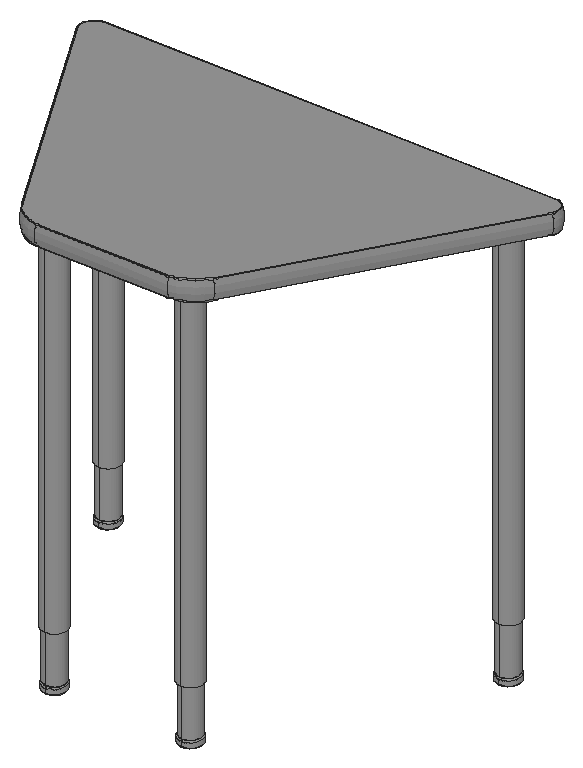
Revit family "Snap Hexagonal Trapezoid - Shapes", category Generic Models, Revit 2018
Family settings
  Can host rebar = No
  Round Connector Dimension = Use Diameter
  Part Type = Normal
  Work Plane-Based = No
  Always vertical = Yes
  Cut with Voids When Loaded = No
  Shared = No
  Room Calculation Point = No
Parameters
  Surface = Snap Hexagonal Trapezoid S Surface
  Table Height = 2' - 1 1/2"
  Leg Finish = Shapes Leg Platinum
  Edgeband = Snap Hexagonal Trapezoid S Edgeband
  Caster/Glider = Shapes Leg - Glider : Shapes Leg - Glider
Reference planes (in)
  plane 1 "Center (Front/Back)": y = 0
  plane 2: z = 0
  plane 3 "Center (Left/Right)": x = 0
  plane 4: z = 25.5
Dimensions and locks (in)
  "Table Height": plane 4 to level
  aligned and locked: plane 2 to level
  aligned and locked: nested 1 to plane 4
Nested families (in)
  nested 1: "Snap Hexagonal Trapezoid Tabletop" at (0, 0, -1.64175), type "Snap Hexagonal Trapezoid Tabletop"
  nested 2: "Shapes Leg - Glider" at (-12.5, 7.25, 0) x (0, -1, 0) z (0, 0, 1), Leg Height <- "Table Height", Shapes Leg Finish <- "Leg Finish", type "Shapes Leg - Glider"
    with Shapes Leg Finish Shapes Leg Platinum, Leg Height 2' - 1 1/2"
  nested 3: "Shapes Leg - Glider" at (-4.25, -7.25, 0) x (0, -1, 0) z (0, 0, 1), Leg Height <- "Table Height", Shapes Leg Finish <- "Leg Finish", type <- "Caster/Glider", type "Shapes Leg - Glider"
    with Shapes Leg Finish Shapes Leg Platinum, Leg Height 2' - 1 1/2"
  nested 4: "Shapes Leg - Glider" at (12.5, 7.25, 0) x (0, -1, 0) z (0, 0, 1), Leg Height <- "Table Height", Shapes Leg Finish <- "Leg Finish", type "Shapes Leg - Glider"
    with Shapes Leg Finish Shapes Leg Platinum, Leg Height 2' - 1 1/2"
  nested 5: "Shapes Leg - Glider" at (4.25, -7.25, 0) x (0, -1, 0) z (0, 0, 1), Leg Height <- "Table Height", Shapes Leg Finish <- "Leg Finish", type <- "Caster/Glider", type "Shapes Leg - Glider"
    with Shapes Leg Finish Shapes Leg Platinum, Leg Height 2' - 1 1/2"
Definition of nested family "Snap Hexagonal Trapezoid Tabletop"
  Parameters (values of type "Snap Hexagonal Trapezoid Tabletop")
    Surface = none
    Edgeband = none
  Reference planes (in)
    plane 1 "Center (Front/Back)": y = 0
    plane 2: z = 0
    plane 3 "Center (Left/Right)": x = 0
  Forms (in)
    Extrusion 1, solid, material <- "Surface"
      sketch origin (0, 0, 0) x (1, 0, 0) y (0, 1, 0)
        loop
          line (14.05799, 8.95098) -> (-14.05799, 8.95098)
          arc (-14.05799, 8.95098) -> (-14.76477, 8.57319) -> (-14.84333, 7.77563) r 0.85005
          line (-14.84333, 7.77563) -> (-5.97069, -7.59223)
          arc (-5.97069, -7.59223) -> (-5.20833, -8.40619) -> (-4.1646, -8.79902) r 2.4556
          line (-4.1646, -8.79902) -> (4.1646, -8.79902)
          arc (4.1646, -8.79902) -> (5.20833, -8.40619) -> (5.97069, -7.59223) r 2.4556
          line (5.97069, -7.59223) -> (14.84333, 7.77563)
          arc (14.84333, 7.77563) -> (14.76477, 8.57319) -> (14.05799, 8.95098) r 0.85005
      from 27.14175 to 28.39175
    Sweep 2, solid, material <- "Edgeband"
      path in 3D
        loop
          line (-14.05799, 8.95098, 28.39175) -> (14.05799, 8.95098, 28.39175)
          arc (14.05799, 8.95098, 28.39175) -> (14.76477, 8.57319, 28.39175) -> (14.84333, 7.77563, 28.39175) r 0.85005
          line (14.84333, 7.77563, 28.39175) -> (5.97069, -7.59223, 28.39175)
          arc (5.97069, -7.59223, 28.39175) -> (5.20833, -8.40619, 28.39175) -> (4.1646, -8.79902, 28.39175) r 2.4556
          line (4.1646, -8.79902, 28.39175) -> (-4.1646, -8.79902, 28.39175)
          arc (-4.1646, -8.79902, 28.39175) -> (-5.20833, -8.40619, 28.39175) -> (-5.97069, -7.59223, 28.39175) r 2.4556
          line (-5.97069, -7.59223, 28.39175) -> (-14.84333, 7.77563, 28.39175)
          arc (-14.84333, 7.77563, 28.39175) -> (-14.76477, 8.57319, 28.39175) -> (-14.05799, 8.95098, 28.39175) r 0.85005
      profile origin (-14.76477, 8.57319, 28.39175) x (-0.831469, 0.555571, 0) y (0, 0, 1)
        loop
          line (0, 0) -> (0, -1.25)
          arc (0, -1.25) -> (0.01793, -1.24258) -> (0.02535, -1.22465) r 0.02535
          arc (0.02535, -1.22465) -> (0.10923, -0.63083) -> (0.02535, -0.03701) r 2.14388
          arc (0.02535, -0.03701) -> (0.01566, -0.01646) -> (0, 0) r 0.07132
  Lines and regions (in)
    sketch lines
      curve 1: arc (-14.84333, 7.77563, 28.39175) -> (-14.76477, 8.57319, 28.39175) -> (-14.05799, 8.95098, 28.39175) r 0.85005
      curve 2: line (-14.84333, 7.77563, 28.39175) -> (-5.97069, -7.59223, 28.39175)
      curve 3: arc (-4.1646, -8.79902, 28.39175) -> (-5.20833, -8.40619, 28.39175) -> (-5.97069, -7.59223, 28.39175) r 2.4556
      curve 4: line (-4.1646, -8.79902, 28.39175) -> (4.1646, -8.79902, 28.39175)
      curve 5: arc (5.97069, -7.59223, 28.39175) -> (5.20833, -8.40619, 28.39175) -> (4.1646, -8.79902, 28.39175) r 2.4556
      curve 6: line (5.97069, -7.59223, 28.39175) -> (14.84333, 7.77563, 28.39175)
      curve 7: arc (14.05799, 8.95098, 28.39175) -> (14.76477, 8.57319, 28.39175) -> (14.84333, 7.77563, 28.39175) r 0.85005
      curve 8: line (14.05799, 8.95098, 28.39175) -> (-14.05799, 8.95098, 28.39175)
  Dimensions and locks (in)
    aligned and locked: plane 2 to level
Definition of nested family "Shapes Leg - Glider"
  Parameters (values of type "Shapes Leg - Glider")
    Shapes Leg Finish [instance] = none
    Leg Height [instance] = 2' - 4 1/2"
  Reference planes (in)
    plane 1 "Center (Front/Back)": y = 0
    plane 2: z = 0
    plane 3 "Center (Left/Right)": x = 0
  Forms (in)
    Extrusion 1, solid
      sketch origin (-0.01562, 0, 0) x (1, 0, 0) y (0, 1, 0)
        loop
          circle (0.01563, 0) r 0.64906
      from 0.50586 to 20.17439
  Dimensions and locks (in)
    "Leg Height": nested 2 to level
    aligned and locked: plane 2 to level
  Automatic sketch dimensions
    plane 1 "Center (Front/Back)" to Extrusion 1 sketch curve = 0' - 0"
    Extrusion 1 sketch curve to plane 3 "Center (Left/Right)" = 0' - 0"
    radius of Extrusion 1 sketch curve = 0' - 0.64906"
  Nested families (in)
    nested 1: "Glider" at (0, 0, 0), type "Glider"
    nested 2: "Shapes Upper Leg" at (0, 0, 0), Shapes Leg Finish <- "Shapes Leg Finish", type "Shapes Upper Leg"
      with Shapes Leg Finish none
  Definition of nested family "Glider"
    Reference planes (in)
      plane 1 "Center (Front/Back)": y = 0
      plane 2: z = 0
      plane 3 "Center (Left/Right)": x = 0
    Forms (in)
      Revolve 1, solid
        sketch origin (0, 0, 0) x (1, 0, 0) y (0, 0, 1)
          loop
            line (0.26614, 0.50586) -> (0, 0.50586) -> (0, 0.09994) -> (0.71656, 0.09994) -> (0.71656, 0.37634)
            arc (0.71656, 0.37634) -> (0.70181, 0.41548) -> (0.66511, 0.43552) r 0.06011
            arc (0.66511, 0.43552) -> (0.46609, 0.45951) -> (0.26614, 0.47365) r 4.06535
            line (0.26614, 0.47365) -> (0.26614, 0.50586)
          axis (0, 0.50586) -> (0, 0.09994)
        angle from 0 to 360
      Revolve 2, solid
        sketch origin (0, 0, 0) x (1, 0, 0) y (0, 0, 1)
          loop
            line (0.65534, 0.1212) -> (0, 0.1212) -> (0, 0) -> (0.57593, 0)
            arc (0.57593, 0) -> (0.63208, 0.02326) -> (0.65534, 0.07941) r 0.07941
            line (0.65534, 0.07941) -> (0.65534, 0.1212)
          axis (0, 0.1212) -> (0, 0)
        angle from 0 to 360
    Dimensions and locks (in)
      aligned and locked: plane 2 to level
  Definition of nested family "Shapes Upper Leg"
    Parameters (values of type "Shapes Upper Leg")
      Shapes Leg Finish [instance] = none
    Reference planes (in)
      plane 1 "Center (Front/Back)": y = 0
      plane 2: z = 0
      plane 3 "Center (Left/Right)": x = 0
    Forms (in)
      Extrusion 1, solid, material <- "Shapes Leg Finish"
        sketch origin (0, 0, 0) x (1, 0, 0) y (0, 1, 0)
          loop
            circle (0, 0) r 0.75
        from 6.5 to 28.5
    Dimensions and locks (in)
      aligned and locked: plane 2 to level
